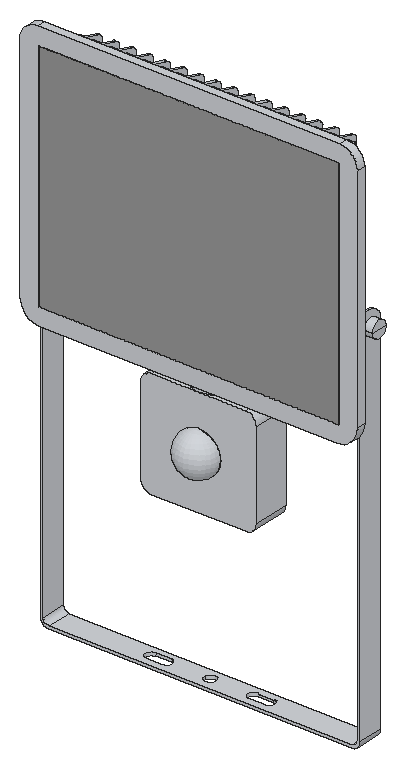
Revit family "START Flood Flat - 46W - PIR", category Lighting Fixtures, Revit 2017
Family settings
  Round Connector Dimension = Use Diameter
  Part Type = Normal
  OmniClass Number = 23.80.70.00
  OmniClass Title = Lighting
  Work Plane-Based = No
  Always vertical = Yes
  Cut with Voids When Loaded = No
  Light Source = Yes
  Shared = No
  Room Calculation Point = No
Parameters (values of type "0050144 ST FLD FLT IP54 PIR 5000LM 840 WH")
  Weight = "4.8 kg"
  Wattage = 46 W
  WarrantyStartDate [instance] = "n/a"
  WarrantyGuarantorParts = "n/a"
  WarrantyDurationUnit = "n/a"
  WarrantyDurationParts = "n/a"
  WarrantyDescription = "n/a"
  built-in parameter 1150110 = 1 (stored number, unit not read)
  Voltage = 0 V
  URL = "http://www.sylvania-lighting.com"
  TypeName = "Start Flood Flat IP54 PIR 5000LM 840 White"
  built-in parameter 1114217 = 1 (stored number, unit not read)
  Tilt Angle = 0.00°
  built-in parameter 1150109 = 1 (stored number, unit not read)
  built-in parameter 1150134 = 12
  built-in parameter 1150113 = 1 (stored number, unit not read)
  SerialNumber [instance] = "n/a"
  PowerFactor = 0.9
  PowerConsumption = "46 W"
  Photometric Web File = "0050144.ies"
  NominalWidth = 0 mm
  NominalLength = 235 mm
  NominalHeight = 58 mm
  Name = "Start Flood Flat IP54 PIR 5000LM 840 White"
  ModelReference = "Start Flood Flat IP54 PIR 5000LM 840 White"
  ModelNumber = "0050144"
  Model = "Start Flood Flat IP54 PIR 5000LM 840 White"
  Material_4_FEILO = none
  Material_3_FEILO = none
  Material_2_FEILO = Default New Material
  Material_1_FEILO = none
  Material = "n/a"
  ManufacturerName = "Feilo Sylvania"
  Manufacturer = "Feilo Sylvania"
  LuminousEfficacy = "109 lm/W"
  Lumens = 5014 lm
  LuminaireType = ""
  built-in parameter 1150115 = 1 (stored number, unit not read)
  built-in parameter 1150105 = -9062805 (stored number, unit not read)
  LightOutputRatio = "n/a"
  built-in parameter 1150137 = (empty or 0)
  built-in parameter 1150139 = (empty or 0)
  LampsType = "LED"
  LampNominalLuminous = "5000 lm"
  LampMacAdamStep = "5"
  LampColourTemperature = "4000 K"
  LampColourRenderingIndex = "80"
  built-in parameter 1150112 = 1 (stored number, unit not read)
  built-in parameter 1150114 = 1 (stored number, unit not read)
  Lamp = "LED"
  LUM_WIDTH_SYL = 93.5 mm  # constant formula
  LUM_HEIGHT_SYL = 74.5 mm  # constant formula
  LUM_EXTR_ST_SYL = -5 mm
  LUM_EXTR_END_SYL = 0 mm
  LUM_DEPTH_SYL = 30 mm
  Keynote = "16500"
  InstallationDate [instance] = "n/a"
  InputVoltage = "n/a"
  InputNominalFrequency = "n/a"
  built-in parameter 1150132 = 2
  built-in parameter 1150102 = (empty or 0)
  built-in parameter 1150138 = (empty or 0)
  built-in parameter 1150107 = 4000 (stored number, unit not read)
  IngressProtection = "IP65"
  ImpactProtectionIndex = "IK06"
  built-in parameter 1150106 = -90628.1 (stored number, unit not read)
  IfcExportType = "IfcLightFixtureType"
  IfcExportAs = "IfcLightFixtureType"
  ElectricShockClassification = "Class I"
  built-in parameter 1150104 = 10.126 (stored number, unit not read)
  DocumentationLiterature = "http://www.sylvania-lighting.com/product/en-int/products/0050144"
  DimmingControlOptions = "n/a"
  Dimming Lamp Color Temperature Shift = <None>
  DIF_WIDTH_SYL = 83 mm  # constant formula
  DIF_HEIGHT_SYL = 65 mm  # constant formula
  CreatedOn = "12/2/2020"
  CreatedBy = "@sylvania-lighting.com"
  Color Filter = 16777215
  ClassificationValue = "EF_70_80"
  ClassificationName = "Uniclass2015"
  CABLE_SIDE_DIST_SYL = 47 mm
  CABLE_LENGTH_SYL = 5 mm
  CABLE_FRONT_DIST_SYL = 17.5 mm
  CABLES_DIST_SYL = 93 mm
  BarCode [instance] = "n/a"
  built-in parameter 1114218 = 1 (stored number, unit not read)
  B_RAIL_R_DIST_SYL = 7 mm
  B_RAIL_HEIGHT_SYL = 27 mm
  B_RAIL_DEPTH_SYL = 44 mm
  B_RAIL_CHAMFER_SYL = 7 mm
  BRACKET_HOLDER_WIDTH_SYL = 12 mm
  BRACKET_HOLDER_HEIGHT_SYL = 17 mm
  BRACKET_HOLDER_DIST_SIDE_SYL = 2.8 mm
  BRACKET_HOLDER_DIST_BOTT_SYL = 48 mm
  BRACKET_HOLDER_DEPTH_SYL = 5.7 mm
  BOX_WIDTH_SYL = 76.5 mm
  BOX_TOP_DIST_SYL = 10.5 mm
  BOX_DEPTH_SYL = 14 mm
  BOX_BOTT_DIST_SYL = 28 mm
  BACK_RAIL_WIDTH_SYL = 1.4 mm
  BACK_RAIL_SIDE_DIST_SYL = 19 mm
  BACK_PL_EXTR_ST_SYL = -6 mm
  BACK_PL_EXTR_ST(-1)_SYL = BACK_PL_EXTR_ST_SYL * (-1)  # 6 mm
  BACK_PL_EXTR_END_SYL = -3 mm
  BACK_PL_EXTR_END(-1)_SYL = BACK_PL_EXTR_END_SYL * (-1)  # 3 mm
  built-in parameter 1150133 = 10 (stored number, unit not read)
  AssetType = "Fixed"
  AssetIdentifier [instance] = "n/a"
  Assembly Code = "D5020200"
  Apparent Load = 46 VA
  0_18W_SYL = yes
Types (4, lengths in mm): name | TypeName | built-in parameter 1150134 | Photometric Web File | Name | ModelReference | ModelNumber | Model | LuminousEfficacy | Lumens | built-in parameter 1150105 | LampNominalLuminous | LampColourTemperature | built-in parameter 1150107 | built-in parameter 1150106 | built-in parameter 1150104 | DocumentationLiterature
  0050144 ST FLD FLT IP54 PIR 5000LM 840 WH | "Start Flood Flat IP54 PIR 5000LM 840 White" | 12 | "0050144.ies" | "Start Flood Flat IP54 PIR 5000LM 840 White" | "Start Flood Flat IP54 PIR 5000LM 840 White" | "0050144" | "Start Flood Flat IP54 PIR 5000LM 840 White" | "109 lm/W" | 5014 lm | -9062805 (stored number, unit not read) | "5000 lm" | "4000 K" | 4000 (stored number, unit not read) | -90628.1 (stored number, unit not read) | 10.126 (stored number, unit not read) | "http://www.sylvania-lighting.com/product/en-int/products/0050144"
  0050143 ST FLD FLT IP54 PIR 4650LM 830 WH | "Start Flood Flat IP54 PIR 4650LM 830 White" | (empty or 0) | "0050143.ies" | "Start Flood Flat IP54 PIR 4650LM 830 White" | "Start Flood Flat IP54 PIR 4650LM 830 White" | "0050143" | "Start Flood Flat IP54 PIR 4650LM 830 White" | "101 lm/W" | 4646 lm | -7809833.1 (stored number, unit not read) | "4650 lm" | "3000 K" | 3000 (stored number, unit not read) | -78098.3 (stored number, unit not read) | 9.3832 (stored number, unit not read) | "http://www.sylvania-lighting.com/product/en-int/products/0050143"
  0050142 ST FLD FLT IP54 PIR 5000LM 840 BK | "Start Flood Flat IP54 PIR 5000LM 840 Black" | 12 | "0050142.ies" | "Start Flood Flat IP54 PIR 5000LM 840 Black" | "Start Flood Flat IP54 PIR 5000LM 840 Black" | "0050142" | "Start Flood Flat IP54 PIR 5000LM 840 Black" | "109 lm/W" | 5014 lm | -9062805 (stored number, unit not read) | "5000 lm" | "4000 K" | 4000 (stored number, unit not read) | -90628.1 (stored number, unit not read) | 10.126 (stored number, unit not read) | "http://www.sylvania-lighting.com/product/en-int/products/0050142"
  0050141 ST FLD FLT IP54 PIR 4650LM 830 BK | "Start Flood Flat IP54 PIR 4650LM 830 Black" | (empty or 0) | "0050141.ies" | "Start Flood Flat IP54 PIR 4650LM 830 Black" | "Start Flood Flat IP54 PIR 4650LM 830 Black" | "0050141" | "Start Flood Flat IP54 PIR 4650LM 830 Black" | "101 lm/W" | 4646 lm | -7809833.1 (stored number, unit not read) | "4650 lm" | "3000 K" | 3000 (stored number, unit not read) | -78098.3 (stored number, unit not read) | 9.3832 (stored number, unit not read) | "http://www.sylvania-lighting.com/product/en-int/products/0050141"
Reference planes
  plane 1 "Light Source Axis (F/B)": y = 0
  plane 2: z = 0
  plane 3 "Light Source Axis (L/R)": x = 0
  plane 4 "Light Source Elevation": z = -0.469
  plane 5: x = 93.5
  plane 6: x = -93.5
  plane 7: z = 74.5
  plane 8: z = -74.5
  plane 9: x = 83
  plane 10: x = -83
  plane 11: z = 65
  plane 12: z = -65
  plane 13: y = 6
  plane 14: y = 3
  plane 15: x = -76.5
  plane 16: x = 76.5
  plane 17: y = 20
  plane 18: z = 64
  plane 19: z = -46.5
  plane 20: y = 30
  plane 21: z = -26.5
  plane 22: z = -14.5
  plane 23: y = 21
  plane 24: x = 54.2
  plane 25: x = 39.5
  plane 26: x = 46.5
  plane 27: x = -46.5
  plane 28: y = 14
  plane 29: z = -38
  plane 30: y = 27
  plane 31: z = -2.5
  plane 32: z = -9.5
  plane 33: x = 74.5
  plane 34: x = 73.1
  plane 35: x = 66.1
  plane 36: x = 20.8
  plane 37: x = 13.8
  plane 38: x = 12.4
  plane 39: x = 5.4
  plane 40: x = 4
  plane 41: z = -50.4
  plane 42: x = -71.3
  plane 43: x = -69.7
  plane 44: x = 87.1
  plane 45: x = 80.1
  plane 46: z = -76.1
Forms (mm)
  Extrusion 1, solid
    sketch origin (0, 0, 0) x (1, 0, 0) y (0, 0, 1)
      loop
        arc (-83.5, 74.5) -> (-90.571, 71.571) -> (-93.5, 64.5) r 10
        line (-93.5, 64.5) -> (-93.5, -63)
        arc (-93.5, -63) -> (-90.132, -71.132) -> (-82, -74.5) r 11.5
        line (-82, -74.5) -> (82, -74.5)
        arc (82, -74.5) -> (90.132, -71.132) -> (93.5, -63) r 11.5
        line (93.5, -63) -> (93.5, 64.5)
        arc (93.5, 64.5) -> (90.571, 71.571) -> (83.5, 74.5) r 10
        line (83.5, 74.5) -> (-83.5, 74.5)
      loop
        line (-83, 65) -> (-83, -65) -> (83, -65) -> (83, 65) -> (-83, 65)
    from -5 <- "LUM_EXTR_ST_SYL" to 0 <- "LUM_EXTR_END_SYL"
  Extrusion 2, solid, material "Default New Material" <- "Material_2_FEILO"
    sketch origin (0, 0, 0) x (1, 0, 0) y (0, 0, 1)
      loop
        line (-83, 65) -> (-83, -65) -> (83, -65) -> (83, 65) -> (-83, 65)
    from -3 <- "BACK_PL_EXTR_END_SYL" to 0 <- "LUM_EXTR_END_SYL"
  Extrusion 3, solid
    sketch origin (0, 0, 0) x (1, 0, 0) y (0, 0, 1)
      loop
        line (83, 65) -> (-83, 65) -> (-83, -65) -> (83, -65) -> (83, 65)
    from -6 <- "BACK_PL_EXTR_ST_SYL" to -3 <- "BACK_PL_EXTR_END_SYL"
  Extrusion 4, solid
    sketch origin (0, 0, 0) x (1, 0, 0) y (0, 1, 0)
      loop
        arc (-75.5, 20) -> (-76.207, 19.707) -> (-76.5, 19) r 1
        line (-76.5, 19) -> (-76.5, 6) -> (76.5, 6) -> (76.5, 19)
        arc (76.5, 19) -> (76.207, 19.707) -> (75.5, 20) r 1
        line (75.5, 20) -> (-75.5, 20)
    from -46.5 to 64
  Extrusion 5, solid
    sketch origin (0, 0, 0) x (1, 0, 0) y (0, 1, 0)
      loop
        arc (-66.5, 30) -> (-73.571, 27.071) -> (-76.5, 20) r 10
        line (-76.5, 20) -> (-76.5, 6) -> (76.5, 6) -> (76.5, 20)
        arc (76.5, 20) -> (73.571, 27.071) -> (66.5, 30) r 10
        line (66.5, 30) -> (-66.5, 30)
    from -65 to -46.5
  Extrusion 6, solid
    sketch origin (0, 0, 0) x (0, 1, 0) y (0, 0, 1)
      loop
        line (5, -14.5) -> (5, -26.5) -> (15, -26.5)
        arc (15, -26.5) -> (19.243, -24.743) -> (21, -20.5) r 6
        arc (21, -20.5) -> (19.243, -16.257) -> (15, -14.5) r 6
        line (15, -14.5) -> (5, -14.5)
      loop
        circle (15, -20.5) r 2.5
    from 80.1 to 87.1
  Extrusion 7, solid
    sketch origin (0, 0, 0) x (1, 0, 0) y (0, 1, 0)
      loop
        circle (-46.5, 14) r 7
      loop
        circle (46.5, 14) r 9
    from -59.1 to -76.1
  Extrusion 8, solid
    sketch origin (75.017, 5.639, -10.469) x (0, 1, 0) y (0, 0, 1)
      loop
        line (-0.625, -36.469) -> (21.299, -36.469) -> (21.299, 71.149)
        arc (21.299, 71.149) -> (20.908, 73.206) -> (19.238, 74.469) r 2.911
        line (19.238, 74.469) -> (-0.625, 80.168) -> (-0.625, 15.688) -> (-0.625, -36.469)
    from -146.317 to -144.717
  Extrusion 9, solid
    sketch origin (-75.017, 5.639, -10.469) x (0, 1, 0) y (0, 0, -1)
      loop
        line (-0.625, 36.469) -> (-0.625, -15.688) -> (-0.625, -80.168) -> (19.238, -74.469)
        arc (19.238, -74.469) -> (20.908, -73.206) -> (21.299, -71.149) r 2.911
        line (21.299, -71.149) -> (21.299, 36.469) -> (-0.625, 36.469)
    from -146.317 to -144.717
  Extrusion 10, solid
    sketch origin (216.017, 5.639, -10.469) x (0, 1, 0) y (0, 0, 1)
      loop
        line (-0.625, -36.469) -> (21.299, -36.469) -> (21.299, 71.149)
        arc (21.299, 71.149) -> (20.908, 73.206) -> (19.238, 74.469) r 2.911
        line (19.238, 74.469) -> (-0.625, 80.168) -> (-0.625, 15.688) -> (-0.625, -36.469)
    from -146.317 to -144.717
  Extrusion 11, solid
    sketch origin (84.417, 5.639, -10.469) x (0, 1, 0) y (0, 0, 1)
      loop
        line (-0.625, -36.469) -> (21.299, -36.469) -> (21.299, 71.149)
        arc (21.299, 71.149) -> (20.908, 73.206) -> (19.238, 74.469) r 2.911
        line (19.238, 74.469) -> (-0.625, 80.168) -> (-0.625, 15.688) -> (-0.625, -36.469)
    from -146.317 to -144.717
  Extrusion 12, solid
    sketch origin (93.817, 5.639, -10.469) x (0, 1, 0) y (0, 0, 1)
      loop
        line (-0.625, -36.469) -> (21.299, -36.469) -> (21.299, 71.149)
        arc (21.299, 71.149) -> (20.908, 73.206) -> (19.238, 74.469) r 2.911
        line (19.238, 74.469) -> (-0.625, 80.168) -> (-0.625, 15.688) -> (-0.625, -36.469)
    from -146.317 to -144.717
  Extrusion 13, solid
    sketch origin (103.217, 5.639, -10.469) x (0, 1, 0) y (0, 0, 1)
      loop
        line (-0.625, -36.469) -> (21.299, -36.469) -> (21.299, 71.149)
        arc (21.299, 71.149) -> (20.908, 73.206) -> (19.238, 74.469) r 2.911
        line (19.238, 74.469) -> (-0.625, 80.168) -> (-0.625, 15.688) -> (-0.625, -36.469)
    from -146.317 to -144.717
  Extrusion 14, solid
    sketch origin (112.617, 5.639, -10.469) x (0, 1, 0) y (0, 0, 1)
      loop
        line (-0.625, -36.469) -> (21.299, -36.469) -> (21.299, 71.149)
        arc (21.299, 71.149) -> (20.908, 73.206) -> (19.238, 74.469) r 2.911
        line (19.238, 74.469) -> (-0.625, 80.168) -> (-0.625, 15.688) -> (-0.625, -36.469)
    from -146.317 to -144.717
  Extrusion 15, solid
    sketch origin (122.017, 5.639, -10.469) x (0, 1, 0) y (0, 0, 1)
      loop
        line (-0.625, -36.469) -> (21.299, -36.469) -> (21.299, 71.149)
        arc (21.299, 71.149) -> (20.908, 73.206) -> (19.238, 74.469) r 2.911
        line (19.238, 74.469) -> (-0.625, 80.168) -> (-0.625, 15.688) -> (-0.625, -36.469)
    from -146.317 to -144.717
  Extrusion 16, solid
    sketch origin (131.417, 5.639, -10.469) x (0, 1, 0) y (0, 0, 1)
      loop
        line (-0.625, -36.469) -> (21.299, -36.469) -> (21.299, 71.149)
        arc (21.299, 71.149) -> (20.908, 73.206) -> (19.238, 74.469) r 2.911
        line (19.238, 74.469) -> (-0.625, 80.168) -> (-0.625, 15.688) -> (-0.625, -36.469)
    from -146.317 to -144.717
  Extrusion 17, solid
    sketch origin (140.817, 5.639, -10.469) x (0, 1, 0) y (0, 0, 1)
      loop
        line (-0.625, -36.469) -> (21.299, -36.469) -> (21.299, 71.149)
        arc (21.299, 71.149) -> (20.908, 73.206) -> (19.238, 74.469) r 2.911
        line (19.238, 74.469) -> (-0.625, 80.168) -> (-0.625, 15.688) -> (-0.625, -36.469)
    from -146.317 to -144.717
  Extrusion 18, solid
    sketch origin (150.217, 5.639, -10.469) x (0, 1, 0) y (0, 0, 1)
      loop
        line (-0.625, -36.469) -> (21.299, -36.469) -> (21.299, 71.149)
        arc (21.299, 71.149) -> (20.908, 73.206) -> (19.238, 74.469) r 2.911
        line (19.238, 74.469) -> (-0.625, 80.168) -> (-0.625, 15.688) -> (-0.625, -36.469)
    from -146.317 to -144.717
  Extrusion 19, solid
    sketch origin (159.617, 5.639, -10.469) x (0, 1, 0) y (0, 0, 1)
      loop
        line (-0.625, -36.469) -> (21.299, -36.469) -> (21.299, 71.149)
        arc (21.299, 71.149) -> (20.908, 73.206) -> (19.238, 74.469) r 2.911
        line (19.238, 74.469) -> (-0.625, 80.168) -> (-0.625, 15.688) -> (-0.625, -36.469)
    from -146.317 to -144.717
  Extrusion 20, solid
    sketch origin (169.017, 5.639, -10.469) x (0, 1, 0) y (0, 0, 1)
      loop
        line (-0.625, -36.469) -> (21.299, -36.469) -> (21.299, 71.149)
        arc (21.299, 71.149) -> (20.908, 73.206) -> (19.238, 74.469) r 2.911
        line (19.238, 74.469) -> (-0.625, 80.168) -> (-0.625, 15.688) -> (-0.625, -36.469)
    from -146.317 to -144.717
  Extrusion 21, solid
    sketch origin (178.417, 5.639, -10.469) x (0, 1, 0) y (0, 0, 1)
      loop
        line (-0.625, -36.469) -> (21.299, -36.469) -> (21.299, 71.149)
        arc (21.299, 71.149) -> (20.908, 73.206) -> (19.238, 74.469) r 2.911
        line (19.238, 74.469) -> (-0.625, 80.168) -> (-0.625, 15.688) -> (-0.625, -36.469)
    from -146.317 to -144.717
  Extrusion 22, solid
    sketch origin (187.817, 5.639, -10.469) x (0, 1, 0) y (0, 0, 1)
      loop
        line (-0.625, -36.469) -> (21.299, -36.469) -> (21.299, 71.149)
        arc (21.299, 71.149) -> (20.908, 73.206) -> (19.238, 74.469) r 2.911
        line (19.238, 74.469) -> (-0.625, 80.168) -> (-0.625, 15.688) -> (-0.625, -36.469)
    from -146.317 to -144.717
  Extrusion 23, solid
    sketch origin (197.217, 5.639, -10.469) x (0, 1, 0) y (0, 0, 1)
      loop
        line (-0.625, -36.469) -> (21.299, -36.469) -> (21.299, 71.149)
        arc (21.299, 71.149) -> (20.908, 73.206) -> (19.238, 74.469) r 2.911
        line (19.238, 74.469) -> (-0.625, 80.168) -> (-0.625, 15.688) -> (-0.625, -36.469)
    from -146.317 to -144.717
  Extrusion 24, solid
    sketch origin (206.617, 5.639, -10.469) x (0, 1, 0) y (0, 0, 1)
      loop
        line (-0.625, -36.469) -> (21.299, -36.469) -> (21.299, 71.149)
        arc (21.299, 71.149) -> (20.908, 73.206) -> (19.238, 74.469) r 2.911
        line (19.238, 74.469) -> (-0.625, 80.168) -> (-0.625, 15.688) -> (-0.625, -36.469)
    from -146.317 to -144.717
  Extrusion 25, solid
    sketch origin (0, 0, 0) x (0, 1, 0) y (0, 0, -1)
      loop
        line (5, 14.5) -> (15, 14.5)
        arc (15, 14.5) -> (19.243, 16.257) -> (21, 20.5) r 6
        arc (21, 20.5) -> (19.243, 24.743) -> (15, 26.5) r 6
        line (15, 26.5) -> (5, 26.5) -> (5, 14.5)
      loop
        circle (15, 20.5) r 2.5
    from 80.1 to 87.1
Cuts and joins
  joined: Extrusion 1, Extrusion 3, Extrusion 4, Extrusion 5
Dimensions and locks
  "LUM_WIDTH_SYL": plane 5 to plane 3 "Light Source Axis (L/R)" to plane 6
  "LUM_HEIGHT_SYL": plane 7 to plane 2 to plane 8
  "DIF_WIDTH_SYL": plane 9 to plane 3 "Light Source Axis (L/R)" to plane 10
  "DIF_HEIGHT_SYL": plane 11 to plane 2 to plane 12
  "BACK_PL_EXTR_ST(-1)_SYL": plane 1 "Light Source Axis (F/B)" to plane 13
  "BACK_PL_EXTR_END(-1)_SYL": plane 1 "Light Source Axis (F/B)" to plane 14
  "BOX_WIDTH_SYL": plane 15 to plane 3 "Light Source Axis (L/R)" to plane 16
  "BOX_DEPTH_SYL": plane 13 to plane 17
  "BOX_TOP_DIST_SYL": plane 18 to plane 7
  "BOX_BOTT_DIST_SYL": plane 8 to plane 19
  "LUM_DEPTH_SYL": plane 1 "Light Source Axis (F/B)" to plane 20
  "BRACKET_HOLDER_DIST_BOTT_SYL": plane 21 to plane 8
  "BRACKET_HOLDER_WIDTH_SYL": plane 22 to plane 21
  cut or joined group of Extrusion 1, Extrusion 3, Extrusion 4, Extrusion 5 to plane 23 = 15 mm
  cut or joined group of Extrusion 1, Extrusion 3, Extrusion 4, Extrusion 5 to plane 24 = 39.3 mm
  plane 25 to plane 24 = 14.7 mm
  "CABLES_DIST_SYL": plane 27 to plane 26
  "CABLE_SIDE_DIST_SYL": plane 26 to plane 5
  cut or joined group of Extrusion 1, Extrusion 3, Extrusion 4, Extrusion 5 to plane 28 = 14 mm
  "B_RAIL_HEIGHT_SYL": plane 30 to plane 1 "Light Source Axis (F/B)"
  "B_RAIL_DEPTH_SYL": plane 31 to plane 19
  "B_RAIL_CHAMFER_SYL": plane 31 to plane 32
  "BACK_RAIL_SIDE_DIST_SYL": plane 5 to plane 33
  "BACK_RAIL_WIDTH_SYL": plane 33 to plane 34
  "B_RAIL_R_DIST_SYL": plane 34 to plane 35
  "B_RAIL_R_DIST_SYL": plane 36 to plane 37
  "BACK_RAIL_WIDTH_SYL": plane 37 to plane 38
  "BACK_RAIL_WIDTH_SYL": plane 39 to plane 40
  "B_RAIL_R_DIST_SYL": plane 38 to plane 39
  plane 35 to plane 26 = 19.6 mm
  equal spacing: group 1, group 3, group 4, group 5, group 6, group 7, group 8, group 9, group 10, group 11, group 12, group 13, group 14, group 15, group 16, group 2  (x3)
  aligned and locked: plane 4 "Light Source Elevation" to imposter light
  aligned and locked: level to plane 2
  aligned and locked: Extrusion 1 sketch curve to plane 7
  aligned and locked: plane 6 to Extrusion 1 sketch curve
  aligned and locked: plane 8 to Extrusion 1 sketch curve
  aligned and locked: Extrusion 1 sketch curve to plane 5
  aligned and locked: Extrusion 1 sketch curve to plane 11
  aligned and locked: plane 10 to Extrusion 1 sketch curve
  aligned and locked: plane 12 to Extrusion 1 sketch curve
  aligned and locked: Extrusion 1 sketch curve to plane 9
  aligned and locked: Extrusion 2 sketch curve to Extrusion 1  (x4)
  aligned and locked: Extrusion 3 sketch curve to Extrusion 1  (x4)
  aligned and locked: Extrusion 3 to Extrusion 2
  aligned and locked: plane 17 to Extrusion 4 sketch curve
  aligned and locked: plane 15 to Extrusion 4 sketch curve
  aligned and locked: Extrusion 4 sketch curve to plane 13
  aligned and locked: Extrusion 4 sketch curve to plane 16
  aligned and locked: plane 18 to Extrusion 4
  aligned and locked: Extrusion 4 to plane 19
  aligned and locked: plane 20 to Extrusion 5 sketch curve
  aligned and locked: plane 15 to Extrusion 5 sketch curve
  aligned and locked: cut or joined group of Extrusion 1, Extrusion 3, Extrusion 4, Extrusion 5 to Extrusion 5 sketch curve
  aligned and locked: Extrusion 5 sketch curve to cut or joined group of Extrusion 1, Extrusion 3, Extrusion 4, Extrusion 5
  aligned and locked: plane 19 to Extrusion 5
  aligned and locked: Extrusion 5 to plane 12
  aligned and locked: Extrusion 6 sketch curve to plane 22
  aligned and locked: plane 21 to Extrusion 6 sketch curve
  aligned and locked: Extrusion 6 to cut or joined group of Extrusion 1, Extrusion 3, Extrusion 4, Extrusion 5
  aligned and locked: Extrusion 8 to plane 42
  aligned and locked: Extrusion 8 to plane 43
  aligned and locked: Extrusion 6 to plane 44
  aligned and locked: plane 45 to Extrusion 6
  aligned and locked: Extrusion 7 to plane 46
Automatic sketch dimensions
  Extrusion 8 sketch curve to Extrusion 8 sketch curve = 19.06 mm
  Extrusion 8 sketch curve to Extrusion 8 sketch curve = 0.803 mm
  Extrusion 8 sketch curve to Extrusion 8 sketch curve = 21.924 mm
  Extrusion 8 sketch curve to Extrusion 8 sketch curve = 52.156 mm
  Extrusion 8 sketch curve to Extrusion 8 sketch curve = 55.461 mm
  Extrusion 8 sketch curve to Extrusion 8 sketch curve = 0.521 mm
  Extrusion 10 sketch curve to Extrusion 10 sketch curve = 19.06 mm
  Extrusion 10 sketch curve to Extrusion 10 sketch curve = 0.803 mm
  Extrusion 10 sketch curve to Extrusion 10 sketch curve = 21.924 mm
  Extrusion 10 sketch curve to Extrusion 10 sketch curve = 52.156 mm
  Extrusion 10 sketch curve to Extrusion 10 sketch curve = 55.461 mm
  Extrusion 10 sketch curve to Extrusion 10 sketch curve = 0.521 mm
  Extrusion 11 sketch curve to Extrusion 11 sketch curve = 19.06 mm
  Extrusion 11 sketch curve to Extrusion 11 sketch curve = 0.803 mm
  Extrusion 11 sketch curve to Extrusion 11 sketch curve = 21.924 mm
  Extrusion 11 sketch curve to Extrusion 11 sketch curve = 52.156 mm
  Extrusion 11 sketch curve to Extrusion 11 sketch curve = 55.461 mm
  Extrusion 11 sketch curve to Extrusion 11 sketch curve = 0.521 mm
  Extrusion 12 sketch curve to Extrusion 12 sketch curve = 19.06 mm
  Extrusion 12 sketch curve to Extrusion 12 sketch curve = 0.803 mm
  Extrusion 12 sketch curve to Extrusion 12 sketch curve = 21.924 mm
  Extrusion 12 sketch curve to Extrusion 12 sketch curve = 52.156 mm
  Extrusion 12 sketch curve to Extrusion 12 sketch curve = 55.461 mm
  Extrusion 12 sketch curve to Extrusion 12 sketch curve = 0.521 mm
  Extrusion 13 sketch curve to Extrusion 13 sketch curve = 19.06 mm
  Extrusion 13 sketch curve to Extrusion 13 sketch curve = 0.803 mm
  Extrusion 13 sketch curve to Extrusion 13 sketch curve = 21.924 mm
  Extrusion 13 sketch curve to Extrusion 13 sketch curve = 52.156 mm
  Extrusion 13 sketch curve to Extrusion 13 sketch curve = 55.461 mm
  Extrusion 13 sketch curve to Extrusion 13 sketch curve = 0.521 mm
  Extrusion 14 sketch curve to Extrusion 14 sketch curve = 19.06 mm
  Extrusion 14 sketch curve to Extrusion 14 sketch curve = 0.803 mm
  Extrusion 14 sketch curve to Extrusion 14 sketch curve = 21.924 mm
  Extrusion 14 sketch curve to Extrusion 14 sketch curve = 52.156 mm
  Extrusion 14 sketch curve to Extrusion 14 sketch curve = 55.461 mm
  Extrusion 14 sketch curve to Extrusion 14 sketch curve = 0.521 mm
  Extrusion 15 sketch curve to Extrusion 15 sketch curve = 19.06 mm
  Extrusion 15 sketch curve to Extrusion 15 sketch curve = 0.803 mm
  Extrusion 15 sketch curve to Extrusion 15 sketch curve = 21.924 mm
  Extrusion 15 sketch curve to Extrusion 15 sketch curve = 52.156 mm
  Extrusion 15 sketch curve to Extrusion 15 sketch curve = 55.461 mm
  Extrusion 15 sketch curve to Extrusion 15 sketch curve = 0.521 mm
  Extrusion 16 sketch curve to Extrusion 16 sketch curve = 19.06 mm
  Extrusion 16 sketch curve to Extrusion 16 sketch curve = 0.803 mm
  Extrusion 16 sketch curve to Extrusion 16 sketch curve = 21.924 mm
  Extrusion 16 sketch curve to Extrusion 16 sketch curve = 52.156 mm
  Extrusion 16 sketch curve to Extrusion 16 sketch curve = 55.461 mm
  Extrusion 16 sketch curve to Extrusion 16 sketch curve = 0.521 mm
  Extrusion 17 sketch curve to Extrusion 17 sketch curve = 19.06 mm
  Extrusion 17 sketch curve to Extrusion 17 sketch curve = 0.803 mm
  Extrusion 17 sketch curve to Extrusion 17 sketch curve = 21.924 mm
  Extrusion 17 sketch curve to Extrusion 17 sketch curve = 52.156 mm
  Extrusion 17 sketch curve to Extrusion 17 sketch curve = 55.461 mm
  Extrusion 17 sketch curve to Extrusion 17 sketch curve = 0.521 mm
  Extrusion 18 sketch curve to Extrusion 18 sketch curve = 19.06 mm
  Extrusion 18 sketch curve to Extrusion 18 sketch curve = 0.803 mm
  Extrusion 18 sketch curve to Extrusion 18 sketch curve = 21.924 mm
  Extrusion 18 sketch curve to Extrusion 18 sketch curve = 52.156 mm
  Extrusion 18 sketch curve to Extrusion 18 sketch curve = 55.461 mm
  Extrusion 18 sketch curve to Extrusion 18 sketch curve = 0.521 mm
  Extrusion 19 sketch curve to Extrusion 19 sketch curve = 19.06 mm
  Extrusion 19 sketch curve to Extrusion 19 sketch curve = 0.803 mm
  Extrusion 19 sketch curve to Extrusion 19 sketch curve = 21.924 mm
  Extrusion 19 sketch curve to Extrusion 19 sketch curve = 52.156 mm
  Extrusion 19 sketch curve to Extrusion 19 sketch curve = 55.461 mm
  Extrusion 19 sketch curve to Extrusion 19 sketch curve = 0.521 mm
  Extrusion 20 sketch curve to Extrusion 20 sketch curve = 19.06 mm
  Extrusion 20 sketch curve to Extrusion 20 sketch curve = 0.803 mm
  Extrusion 20 sketch curve to Extrusion 20 sketch curve = 21.924 mm
  Extrusion 20 sketch curve to Extrusion 20 sketch curve = 52.156 mm
  Extrusion 20 sketch curve to Extrusion 20 sketch curve = 55.461 mm
  Extrusion 20 sketch curve to Extrusion 20 sketch curve = 0.521 mm
  Extrusion 21 sketch curve to Extrusion 21 sketch curve = 19.06 mm
  Extrusion 21 sketch curve to Extrusion 21 sketch curve = 0.803 mm
  Extrusion 21 sketch curve to Extrusion 21 sketch curve = 21.924 mm
  Extrusion 21 sketch curve to Extrusion 21 sketch curve = 52.156 mm
  Extrusion 21 sketch curve to Extrusion 21 sketch curve = 55.461 mm
  Extrusion 21 sketch curve to Extrusion 21 sketch curve = 0.521 mm
  Extrusion 22 sketch curve to Extrusion 22 sketch curve = 19.06 mm
  Extrusion 22 sketch curve to Extrusion 22 sketch curve = 0.803 mm
  Extrusion 22 sketch curve to Extrusion 22 sketch curve = 21.924 mm
  Extrusion 22 sketch curve to Extrusion 22 sketch curve = 52.156 mm
  Extrusion 22 sketch curve to Extrusion 22 sketch curve = 55.461 mm
  Extrusion 22 sketch curve to Extrusion 22 sketch curve = 0.521 mm
  Extrusion 23 sketch curve to Extrusion 23 sketch curve = 19.06 mm
  Extrusion 23 sketch curve to Extrusion 23 sketch curve = 0.803 mm
  Extrusion 23 sketch curve to Extrusion 23 sketch curve = 21.924 mm
  Extrusion 23 sketch curve to Extrusion 23 sketch curve = 52.156 mm
  Extrusion 23 sketch curve to Extrusion 23 sketch curve = 55.461 mm
  Extrusion 23 sketch curve to Extrusion 23 sketch curve = 0.521 mm
  Extrusion 24 sketch curve to Extrusion 24 sketch curve = 19.06 mm
  Extrusion 24 sketch curve to Extrusion 24 sketch curve = 0.803 mm
  Extrusion 24 sketch curve to Extrusion 24 sketch curve = 21.924 mm
  Extrusion 24 sketch curve to Extrusion 24 sketch curve = 52.156 mm
  Extrusion 24 sketch curve to Extrusion 24 sketch curve = 55.461 mm
  Extrusion 24 sketch curve to Extrusion 24 sketch curve = 0.521 mm
  Extrusion 1 sketch curve to plane 10 = 0.5 mm
  plane 10 to Extrusion 1 sketch curve = 1 mm
  Extrusion 1 sketch curve to plane 9 = 1 mm
  plane 9 to Extrusion 1 sketch curve = 0.5 mm
  plane 15 to Extrusion 4 sketch curve = 1 mm
  Extrusion 4 sketch curve to plane 16 = 1 mm
  Extrusion 5 sketch curve to plane 15 = 0 mm
  plane 17 to Extrusion 5 sketch curve = 0 mm  (x2)
  Extrusion 6 sketch curve to Extrusion 6 sketch curve = 0 mm  (x5)
  Extrusion 6 sketch curve to plane 23 = 0 mm
  plane 13 to Extrusion 6 sketch curve = 1 mm
  Extrusion 7 sketch curve to plane 27 = 0 mm
  Extrusion 7 sketch curve to plane 26 = 0 mm
  Extrusion 7 sketch curve to plane 28 = 0 mm  (x2)
  Extrusion 9 sketch curve to plane 18 = 0 mm
  Extrusion 9 sketch curve to plane 19 = 0.438 mm
  plane 13 to Extrusion 9 sketch curve = 0.986 mm
  plane 30 to Extrusion 9 sketch curve = 2.927 mm
  plane 30 to Extrusion 9 sketch curve = 2.124 mm
  plane 30 to Extrusion 9 sketch curve = 0.062 mm
  Extrusion 9 sketch curve to plane 7 = 4.801 mm
  level to Extrusion 9 sketch curve = 5.219 mm
  Extrusion 25 sketch curve to Extrusion 25 sketch curve = 0 mm  (x6)
  Extrusion 25 sketch curve to plane 21 = 0 mm
  Extrusion 25 sketch curve to plane 22 = 0 mm
  Extrusion 25 sketch curve to plane 23 = 0 mm
  plane 13 to Extrusion 25 sketch curve = 1 mm
  radius of Extrusion 6 sketch curve = 2.5 mm
  radius of Extrusion 7 sketch curve = 7 mm
  radius of Extrusion 7 sketch curve = 9 mm
  radius of Extrusion 25 sketch curve = 2.5 mm
Nested families
  nested 1: "START Flood Flat - 45W_bracket - PIR" at (0, 15, -191.041), type "START Flood Flat - 45W_bracket - PIR"
  nested 2: "bolt" at (88.6, 15, -20.541), type "bolt"
  nested 3: "bolt" at (-88.6, 15, -20.541) x (-1, 0, 0) z (0, 0, 1), type "bolt"
  nested 4: "PIR" at (0, 6.989, -111.015) x (-1, 0, 0) z (0, 0, 1), type "PIR"
Definition of nested family "START Flood Flat - 45W_bracket - PIR"
  Parameters (values of type "START Flood Flat - 45W_bracket - PIR")
    WIDTH_SYL = 177.2 mm
    THICKNESS_SYL = 1.5 mm
    Material_4_SYL = none
    Material_3_SYL = none
    Material_2_SYL = none
    Material_1_SYL = none
    HOLE_DIST_SYL = 8.5 mm
    HOLE2_DIST_SYL = 8 mm
    HEIGHT_SYL = 216 mm
    HALF_SYL = WIDTH_SYL / 2  # 88.6 mm
    FILLET_SYL = 7 mm
    DEPTH_2_SYL = -7 mm
    DEPTH_1_SYL = 7 mm
    CUTOUT_DIST_SYL = 24.2 mm
  Reference planes
    plane 1 "Center (Front/Back)": y = 0
    plane 2: z = 0
    plane 3 "Center (Left/Right)": x = 0
    plane 4: x = -88.6
    plane 5: x = 88.6
    plane 6: z = -37.5
    plane 7: z = 178.5
    plane 8: x = -87.1
    plane 9: z = -36
    plane 10: x = 87.1
    plane 11: z = 170.5
    plane 12: z = 171.5
    plane 13: x = 24.2
    plane 14: x = -24.2
    plane 15: x = 32.7
    plane 16: x = -32.7
  Forms (mm)
    Extrusion 1, solid
      sketch origin (0, 0, 0) x (1, 0, 0) y (0, 0, 1)
        loop
          arc (-88.6, -33) -> (-87.282, -36.182) -> (-84.1, -37.5) r 4.5
          line (-84.1, -37.5) -> (84.1, -37.5)
          arc (84.1, -37.5) -> (87.282, -36.182) -> (88.6, -33) r 4.5
          line (88.6, -33) -> (88.6, 178.5) -> (87.1, 178.5) -> (87.1, -33)
          arc (87.1, -33) -> (86.221, -35.121) -> (84.1, -36) r 3
          line (84.1, -36) -> (-84.1, -36)
          arc (-84.1, -36) -> (-86.221, -35.121) -> (-87.1, -33) r 3
          line (-87.1, -33) -> (-87.1, 178.5) -> (-88.6, 178.5) -> (-88.6, -33)
      from -7 <- "DEPTH_2_SYL" to 7 <- "DEPTH_1_SYL"
    Extrusion 2, void
      sketch origin (0, 0, 0) x (0, 1, 0) y (0, 0, 1)
        loop
          circle (0, 170.5) r 3.15
      from -88.6 to 88.6
    Extrusion 3, void
      sketch origin (0, 0, 0) x (0, 1, 0) y (0, 0, 1)
        loop
          line (7, 171.5) -> (14.83, 184.08) -> (-15.17, 184.08) -> (-7, 171.5)
          arc (-7, 171.5) -> (-4.95, 176.45) -> (0, 178.5) r 7
          arc (0, 178.5) -> (4.95, 176.45) -> (7, 171.5) r 7
      from -88.6 to 88.6
    Extrusion 4, void
      sketch origin (0, 0, 0) x (1, 0, 0) y (0, 1, 0)
        loop
          circle (0, 0) r 3.25
        loop
          arc (-32.7, 3.25) -> (-35.95, 0) -> (-32.7, -3.25) r 3.25
          line (-32.7, -3.25) -> (-24.2, -3.25)
          arc (-24.2, -3.25) -> (-20.95, 0) -> (-24.2, 3.25) r 3.25
          line (-24.2, 3.25) -> (-32.7, 3.25)
        loop
          line (24.2, -3.25) -> (32.7, -3.25)
          arc (32.7, -3.25) -> (35.95, 0) -> (32.7, 3.25) r 3.25
          line (32.7, 3.25) -> (24.2, 3.25)
          arc (24.2, 3.25) -> (20.95, 0) -> (24.2, -3.25) r 3.25
      from -54.767 to -28.006
  Cuts and joins
    Extrusion 2, Extrusion 3, Extrusion 4 cuts Extrusion 1
  Dimensions and locks
    "THICKNESS_SYL": plane 8 to plane 4
    "THICKNESS_SYL": plane 5 to plane 10
    "WIDTH_SYL": plane 5 to plane 4
    "HEIGHT_SYL": plane 7 to plane 6
    "FILLET_SYL": plane 7 to plane 12
    "CUTOUT_DIST_SYL": plane 14 to plane 3 "Center (Left/Right)" to plane 13
    "HOLE_DIST_SYL": plane 16 to plane 14
    "HOLE_DIST_SYL": plane 13 to plane 15
    "HOLE2_DIST_SYL": plane 7 to plane 11
    "HALF_SYL": plane 4 to plane 3 "Center (Left/Right)"
    aligned and locked: level to plane 2
    aligned and locked: plane 4 to Extrusion 1 sketch curve
    aligned and locked: plane 6 to Extrusion 1 sketch curve
    aligned and locked: Extrusion 1 sketch curve to plane 5
    aligned and locked: plane 8 to Extrusion 1 sketch curve
    aligned and locked: plane 9 to Extrusion 1 sketch curve
    aligned and locked: Extrusion 1 sketch curve to plane 10
    aligned and locked: plane 7 to Extrusion 1 sketch curve  (x2)
    aligned and locked: Extrusion 1 to Extrusion 2  (x2)
    aligned and locked: Extrusion 1 to Extrusion 3
    aligned and locked: Extrusion 3 to Extrusion 1
  Automatic sketch dimensions
    Extrusion 1 sketch curve to Extrusion 1 sketch curve = 0 mm
    plane 8 to Extrusion 1 sketch curve = 3 mm
    Extrusion 1 sketch curve to plane 10 = 3 mm
    Extrusion 1 sketch curve to Extrusion 1 sketch curve = 3 mm
    Extrusion 2 sketch curve to plane 1 "Center (Front/Back)" = 0 mm
    Extrusion 2 sketch curve to plane 11 = 0 mm
    Extrusion 3 sketch curve to Extrusion 3 sketch curve = 0 mm
    Extrusion 3 sketch curve to plane 12 = 0 mm
    Extrusion 3 sketch curve to plane 1 "Center (Front/Back)" = 0 mm
    Extrusion 3 sketch curve to plane 7 = 0 mm
    Extrusion 3 sketch curve to Extrusion 3 sketch curve = 8.17 mm
    plane 7 to Extrusion 3 sketch curve = 5.58 mm
    Extrusion 3 sketch curve to Extrusion 3 sketch curve = 7.83 mm
    plane 1 "Center (Front/Back)" to Extrusion 4 sketch curve = 0 mm  (x3)
    Extrusion 4 sketch curve to plane 16 = 0 mm
    Extrusion 4 sketch curve to plane 14 = 0 mm
    Extrusion 4 sketch curve to plane 3 "Center (Left/Right)" = 0 mm
    Extrusion 4 sketch curve to plane 13 = 0 mm
    Extrusion 4 sketch curve to plane 15 = 0 mm
    plane 1 "Center (Front/Back)" to Extrusion 4 sketch curve = 3.25 mm  (x2)
    radius of Extrusion 2 sketch curve = 3.15 mm
    radius of Extrusion 4 sketch curve = 3.25 mm
Definition of nested family "bolt"
  Parameters (values of type "bolt")
    Material_4_SYL = none
    Material_3_SYL = none
    Material_2_SYL = none
    Material_1_SYL = none
  Reference planes
    plane 1 "Center (Front/Back)": y = 0
    plane 2: z = 0
    plane 3 "Center (Left/Right)": x = 0
    plane 4: x = 5
    plane 5: x = -10
    plane 6: y = 2.5
    plane 7: y = -2.5
    plane 8: y = 4.5
    plane 9: y = -4.5
  Forms (mm)
    Revolve 1, solid
      sketch origin (0, 0, 0) x (1, 0, 0) y (0, 1, 0)
        loop
          line (5, 0) -> (-10, 0) -> (-10, -2.5) -> (0, -2.5) -> (0, -4.5) -> (5, -4.5) -> (5, 0)
        axis (5, 0) -> (-10, 0)
      angle from 0 to 360
  Dimensions and locks
    aligned and locked: level to plane 2
Definition of nested family "PIR"
  Parameters (values of type "PIR")
    Material_4_SYL = none
    Material_3_SYL = none
    Material_2_SYL = none
    Material_1_SYL = none
  Reference planes
    plane 1 "Center (Front/Back)": y = 0
    plane 2: z = 0
    plane 3 "Center (Left/Right)": x = 0
    plane 4: z = -30
    plane 5: z = 30
    plane 6: x = 32
    plane 7: x = -32
    plane 8: x = 12
    plane 9: z = 12
    plane 10: z = -12
    plane 11: z = 46
    plane 12: x = 10
    plane 13: y = -10
  Forms (mm)
    Extrusion 1, solid
      sketch origin (0, 0, 0) x (1, 0, 0) y (0, 0, 1)
        loop
          arc (-26, 30) -> (-30.243, 28.243) -> (-32, 24) r 6
          line (-32, 24) -> (-32, -24)
          arc (-32, -24) -> (-30.243, -28.243) -> (-26, -30) r 6
          line (-26, -30) -> (26, -30)
          arc (26, -30) -> (30.243, -28.243) -> (32, -24) r 6
          line (32, -24) -> (32, 24)
          arc (32, 24) -> (30.243, 28.243) -> (26, 30) r 6
          line (26, 30) -> (-26, 30)
      from 0 to 20
    Revolve 2, solid
      sketch origin (0, 0, 0) x (1, 0, 0) y (0, 0, 1)
        loop
          line (0, 12) -> (0, -12)
          arc (0, -12) -> (12, 0) -> (0, 12) r 12
        axis (0, 12) -> (0, -12)
      angle from 0 to 360
    Extrusion 3, solid
      sketch origin (0, 0, 0) x (1, 0, 0) y (0, 1, 0)
        loop
          circle (0, -10) r 10
      from 30 to 46
  Dimensions and locks
    aligned and locked: level to plane 2
    aligned and locked: Extrusion 1 sketch curve to plane 5
    aligned and locked: plane 7 to Extrusion 1 sketch curve
    aligned and locked: plane 4 to Extrusion 1 sketch curve
    aligned and locked: Extrusion 1 sketch curve to plane 6
    aligned and locked: plane 3 "Center (Left/Right)" to Revolve 2 sketch curve
    aligned and locked: plane 10 to Revolve 2 sketch curve
    aligned and locked: Revolve 2 sketch curve to plane 3 "Center (Left/Right)"
    aligned and locked: plane 11 to Extrusion 3
    aligned and locked: Extrusion 3 to plane 5
